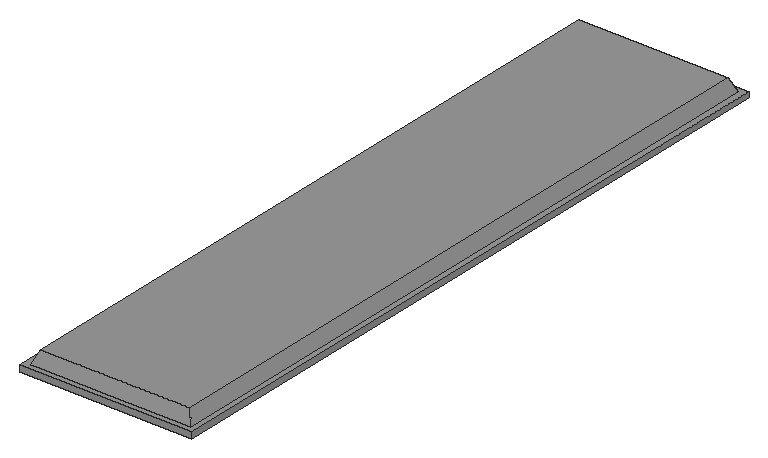
Revit family "BLT2_63_UN_Inlay LED_ETK ", category Lighting Fixtures, Revit 2017
Family settings
  Round Connector Dimension = Use Diameter
  Part Type = Normal
  OmniClass Number = 23.80.70.11.14.11
  OmniClass Title = Downlights
  Work Plane-Based = No
  Always vertical = Yes
  Cut with Voids When Loaded = No
  Light Source = No
  Shared = No
  Room Calculation Point = Yes
Parameters (values of type "BLT.2103.10 - 28W / 3700lm / Adjustable K")
  Wattage Comments = "28W"
  Voltage = 230 V
  URL = "https://www.etk.nl/media/wysiwyg/files/BLT.2.pdf"
  Symbol_Emergency Lighting [instance] = no
  Switch Code [instance] = ""
  Model = "BLT.2"
  Manufacturer = "ETK licht B.V."
  Luminaire_Body_Material = PPS Plastic
  Luminaire Code [instance] = ""
  Light Source = BLT.2 - Lightsource : BLT.2103.10 - 28W / 3700lm / Adjustable K
  Lamp = "LED"
  IfcExportType = "USERDEFINED"
  IfcExportAs = "IfcLightFixtureType"
  Description = "Recessed/inlay LED"
  Copyright © IVLighting = "www.ivlighting.nl"
  Bundle = "120°"
  Assembly Code = "63.0"
  Apparent Load = 28 VA
Types (7, lengths in mm): name | Light Source
  (no name) | BLT.2 - Lightsource : BLT.2103.10 - 28W / 3700lm / Adjustable K
  BLT.2100.10 - 28W / 3500lm / Adjustable K | BLT.2 - Lightsource : BLT.2100.10 - 28W / 3500lm / Adjustable K
  BLT.2100.10 - 28W / 3560lm / Adjustable K | BLT.2 - Lightsource : BLT.2100.10 - 28W / 3560lm / Adjustable K
  BLT.2100.10 - 28W / 3700lm / Adjustable K | BLT.2 - Lightsource : BLT.2100.10 - 28W / 3700lm / Adjustable K
  BLT.2103.10 - 28W / 3500lm / Adjustable K | BLT.2 - Lightsource : BLT.2103.10 - 28W / 3500lm / Adjustable K
  BLT.2103.10 - 28W / 3560lm / Adjustable K | BLT.2 - Lightsource : BLT.2103.10 - 28W / 3560lm / Adjustable K
  BLT.2103.10 - 28W / 3700lm / Adjustable K | BLT.2 - Lightsource : BLT.2103.10 - 28W / 3700lm / Adjustable K
Reference planes
  plane 1 "Center (Front/Back)": y = 0
  plane 2: z = 0
  plane 3 "Center (Left/Right)": x = 0
  plane 4: y = 597.5
  plane 5: x = 147.5
  plane 6: y = -597.5
  plane 7: x = -147.5
  plane 8: z = 32
Forms (mm)
  Revolve 1, solid, material "PPS Plastic", not visible
    sketch origin (0, 0, 0) x (1, 0, 0) y (0, 0, 1)
      loop
        line (-108.916, 0) -> (-108.916, -4.099)
        arc (-108.916, -4.099) -> (-108.406, -4.931) -> (-107.486, -5.258) r 1.461
        line (-107.486, -5.258) -> (-97.804, -5.258) -> (-97.804, 0) -> (-108.916, 0)
      axis (0, 0) -> (0, -5.258)
    angle from 0 to 360
  Revolve 2, solid, material "PPS Plastic" <- "Luminaire_Body_Material", not visible
    sketch origin (0, 0, 0) x (1, 0, 0) y (0, 0, 1)
      loop
        line (-98.741, 0) -> (-97.8, 0) -> (-97.8, 10.593) -> (-90.959, 10.593) -> (-90.959, 14.711) -> (-83.412, 14.711) -> (-83.412, 30.415)
        arc (-83.412, 30.415) -> (-77.825, 42.741) -> (-69.855, 53.677) r 66.418
        line (-69.855, 53.677) -> (-69.855, 60.129) -> (-63.553, 60.129) -> (0, 60.129) -> (0, 61.129) -> (-63.553, 61.129) -> (-69.836, 61.129)
        arc (-69.836, 61.129) -> (-70.557, 60.83) -> (-70.855, 60.109) r 1.02
        line (-70.855, 60.109) -> (-70.855, 54.484)
        arc (-70.855, 54.484) -> (-70.927, 54.088) -> (-71.134, 53.743) r 1.124
        arc (-71.134, 53.743) -> (-77.774, 44.767) -> (-82.842, 34.818) r 67.418
        arc (-82.842, 34.818) -> (-84.016, 30.901) -> (-84.412, 26.83) r 21.103
        line (-84.412, 26.83) -> (-84.412, 16.663)
        arc (-84.412, 16.663) -> (-84.691, 15.989) -> (-85.364, 15.711) r 0.952
        line (-85.364, 15.711) -> (-91.959, 15.711) -> (-91.959, 12.616)
        arc (-91.959, 12.616) -> (-92.258, 11.893) -> (-92.981, 11.593) r 1.022
        line (-92.981, 11.593) -> (-97.697, 11.593)
        arc (-97.697, 11.593) -> (-98.435, 11.287) -> (-98.741, 10.549) r 1.045
        line (-98.741, 10.549) -> (-98.741, 0)
      axis (0, 61.129) -> (0, 0)
    angle from 0 to 360
  Revolve 3, solid, material "PPS Plastic" <- "Luminaire_Body_Material", not visible
    sketch origin (0, 0, 0) x (1, 0, 0) y (0, 0, 1)
      loop
        arc (-36.339, 86.471) -> (-49.965, 76.024) -> (-61.793, 63.579) r 109.701
        arc (-61.793, 63.579) -> (-62.487, 62.326) -> (-62.707, 60.91) r 4.094
        line (-62.707, 60.91) -> (0, 60.91) -> (0, 86.471) -> (-36.339, 86.471)
      axis (0, 86.471) -> (0, 60.91)
    angle from 0 to 360
  Extrusion 4, solid, material "PPS Plastic" <- "Luminaire_Body_Material", not visible
    sketch origin (0, 0, 0) x (1, 0, 0) y (0, 1, 0)
      loop
        circle (0, 0) r 45
    from 86.471 to 87.3
  Extrusion 5, solid, material "UHMW, Black", not visible
    sketch origin (0, 0, 195.137) x (-1, 0, 0) y (0, -1, 0)
      loop
        line (-0.938, -10.632) -> (-0.938, -44.99)
        arc (-0.938, -44.99) -> (0, -45) -> (0.938, -44.99) r 45
        line (0.938, -44.99) -> (0.938, -10.681)
        arc (0.938, -10.681) -> (0, -10.671) -> (-0.938, -10.632) r 29.304
    from -107.837 to -82.548
  Extrusion 6, solid, material "UHMW, Black", not visible
    sketch origin (0, 0, 195.137) x (-0.978148, -0.207912, 0) y (0.207912, -0.978148, 0)
      loop
        line (-0.938, -10.632) -> (-0.938, -44.99)
        arc (-0.938, -44.99) -> (0, -45) -> (0.938, -44.99) r 45
        line (0.938, -44.99) -> (0.938, -10.681)
        arc (0.938, -10.681) -> (0, -10.671) -> (-0.938, -10.632) r 29.304
    from -107.837 to -82.548
  Extrusion 7, solid, material "UHMW, Black", not visible
    sketch origin (0, 0, 195.137) x (-0.978148, 0.207912, 0) y (-0.207912, -0.978148, 0)
      loop
        line (-0.938, -10.632) -> (-0.938, -44.99)
        arc (-0.938, -44.99) -> (0, -45) -> (0.938, -44.99) r 45
        line (0.938, -44.99) -> (0.938, -10.681)
        arc (0.938, -10.681) -> (0, -10.671) -> (-0.938, -10.632) r 29.304
    from -107.837 to -82.548
  Extrusion 8, solid, material "UHMW, Black", not visible
    sketch origin (0, 0, 195.137) x (-0.913545, 0.406737, 0) y (-0.406737, -0.913545, 0)
      loop
        line (-0.938, -10.632) -> (-0.938, -44.99)
        arc (-0.938, -44.99) -> (0, -45) -> (0.938, -44.99) r 45
        line (0.938, -44.99) -> (0.938, -10.681)
        arc (0.938, -10.681) -> (0, -10.671) -> (-0.938, -10.632) r 29.304
    from -107.837 to -82.548
  Extrusion 9, solid, material "UHMW, Black", not visible
    sketch origin (0, 0, 195.137) x (-0.809017, 0.587785, 0) y (-0.587785, -0.809017, 0)
      loop
        line (-0.938, -10.632) -> (-0.938, -44.99)
        arc (-0.938, -44.99) -> (0, -45) -> (0.938, -44.99) r 45
        line (0.938, -44.99) -> (0.938, -10.681)
        arc (0.938, -10.681) -> (0, -10.671) -> (-0.938, -10.632) r 29.304
    from -107.837 to -82.548
  Extrusion 10, solid, material "UHMW, Black", not visible
    sketch origin (0, 0, 195.137) x (-0.669131, 0.743145, 0) y (-0.743145, -0.669131, 0)
      loop
        line (-0.938, -10.632) -> (-0.938, -44.99)
        arc (-0.938, -44.99) -> (0, -45) -> (0.938, -44.99) r 45
        line (0.938, -44.99) -> (0.938, -10.681)
        arc (0.938, -10.681) -> (0, -10.671) -> (-0.938, -10.632) r 29.304
    from -107.837 to -82.548
  Extrusion 11, solid, material "UHMW, Black", not visible
    sketch origin (0, 0, 195.137) x (-0.5, 0.866025, 0) y (-0.866025, -0.5, 0)
      loop
        line (-0.938, -10.632) -> (-0.938, -44.99)
        arc (-0.938, -44.99) -> (0, -45) -> (0.938, -44.99) r 45
        line (0.938, -44.99) -> (0.938, -10.681)
        arc (0.938, -10.681) -> (0, -10.671) -> (-0.938, -10.632) r 29.304
    from -107.837 to -82.548
  Extrusion 12, solid, material "UHMW, Black", not visible
    sketch origin (0, 0, 195.137) x (-0.309017, 0.951057, 0) y (-0.951057, -0.309017, 0)
      loop
        line (-0.938, -10.632) -> (-0.938, -44.99)
        arc (-0.938, -44.99) -> (0, -45) -> (0.938, -44.99) r 45
        line (0.938, -44.99) -> (0.938, -10.681)
        arc (0.938, -10.681) -> (0, -10.671) -> (-0.938, -10.632) r 29.304
    from -107.837 to -82.548
  Extrusion 13, solid, material "UHMW, Black", not visible
    sketch origin (0, 0, 195.137) x (-0.104528, 0.994522, 0) y (-0.994522, -0.104528, 0)
      loop
        line (-0.938, -10.632) -> (-0.938, -44.99)
        arc (-0.938, -44.99) -> (0, -45) -> (0.938, -44.99) r 45
        line (0.938, -44.99) -> (0.938, -10.681)
        arc (0.938, -10.681) -> (0, -10.671) -> (-0.938, -10.632) r 29.304
    from -107.837 to -82.548
  Extrusion 14, solid, material "UHMW, Black", not visible
    sketch origin (0, 0, 195.137) x (0.104528, 0.994522, 0) y (-0.994522, 0.104528, 0)
      loop
        line (-0.938, -10.632) -> (-0.938, -44.99)
        arc (-0.938, -44.99) -> (0, -45) -> (0.938, -44.99) r 45
        line (0.938, -44.99) -> (0.938, -10.681)
        arc (0.938, -10.681) -> (0, -10.671) -> (-0.938, -10.632) r 29.304
    from -107.837 to -82.548
  Extrusion 15, solid, material "UHMW, Black", not visible
    sketch origin (0, 0, 195.137) x (0.309017, 0.951057, 0) y (-0.951057, 0.309017, 0)
      loop
        line (-0.938, -10.632) -> (-0.938, -44.99)
        arc (-0.938, -44.99) -> (0, -45) -> (0.938, -44.99) r 45
        line (0.938, -44.99) -> (0.938, -10.681)
        arc (0.938, -10.681) -> (0, -10.671) -> (-0.938, -10.632) r 29.304
    from -107.837 to -82.548
  Extrusion 16, solid, material "UHMW, Black", not visible
    sketch origin (0, 0, 195.137) x (0.5, 0.866025, 0) y (-0.866025, 0.5, 0)
      loop
        line (-0.938, -10.632) -> (-0.938, -44.99)
        arc (-0.938, -44.99) -> (0, -45) -> (0.938, -44.99) r 45
        line (0.938, -44.99) -> (0.938, -10.681)
        arc (0.938, -10.681) -> (0, -10.671) -> (-0.938, -10.632) r 29.304
    from -107.837 to -82.548
  Extrusion 17, solid, material "UHMW, Black", not visible
    sketch origin (0, 0, 195.137) x (0.669131, 0.743145, 0) y (-0.743145, 0.669131, 0)
      loop
        line (-0.938, -10.632) -> (-0.938, -44.99)
        arc (-0.938, -44.99) -> (0, -45) -> (0.938, -44.99) r 45
        line (0.938, -44.99) -> (0.938, -10.681)
        arc (0.938, -10.681) -> (0, -10.671) -> (-0.938, -10.632) r 29.304
    from -107.837 to -82.548
  Extrusion 18, solid, material "UHMW, Black", not visible
    sketch origin (0, 0, 195.137) x (0.809017, 0.587785, 0) y (-0.587785, 0.809017, 0)
      loop
        line (-0.938, -10.632) -> (-0.938, -44.99)
        arc (-0.938, -44.99) -> (0, -45) -> (0.938, -44.99) r 45
        line (0.938, -44.99) -> (0.938, -10.681)
        arc (0.938, -10.681) -> (0, -10.671) -> (-0.938, -10.632) r 29.304
    from -107.837 to -82.548
  Extrusion 19, solid, material "UHMW, Black", not visible
    sketch origin (0, 0, 195.137) x (0.913545, 0.406737, 0) y (-0.406737, 0.913545, 0)
      loop
        line (-0.938, -10.632) -> (-0.938, -44.99)
        arc (-0.938, -44.99) -> (0, -45) -> (0.938, -44.99) r 45
        line (0.938, -44.99) -> (0.938, -10.681)
        arc (0.938, -10.681) -> (0, -10.671) -> (-0.938, -10.632) r 29.304
    from -107.837 to -82.548
  Extrusion 20, solid, material "UHMW, Black", not visible
    sketch origin (0, 0, 195.137) x (0.978148, 0.207912, 0) y (-0.207912, 0.978148, 0)
      loop
        line (-0.938, -10.632) -> (-0.938, -44.99)
        arc (-0.938, -44.99) -> (0, -45) -> (0.938, -44.99) r 45
        line (0.938, -44.99) -> (0.938, -10.681)
        arc (0.938, -10.681) -> (0, -10.671) -> (-0.938, -10.632) r 29.304
    from -107.837 to -82.548
  Extrusion 21, solid, material "UHMW, Black", not visible
    sketch origin (0, 0, 195.137) x (1, 0, 0) y (0, 1, 0)
      loop
        line (-0.938, -10.632) -> (-0.938, -44.99)
        arc (-0.938, -44.99) -> (0, -45) -> (0.938, -44.99) r 45
        line (0.938, -44.99) -> (0.938, -10.681)
        arc (0.938, -10.681) -> (0, -10.671) -> (-0.938, -10.632) r 29.304
    from -107.837 to -82.548
  Extrusion 22, solid, material "UHMW, Black", not visible
    sketch origin (0, 0, 195.137) x (0.978148, -0.207912, 0) y (0.207912, 0.978148, 0)
      loop
        line (-0.938, -10.632) -> (-0.938, -44.99)
        arc (-0.938, -44.99) -> (0, -45) -> (0.938, -44.99) r 45
        line (0.938, -44.99) -> (0.938, -10.681)
        arc (0.938, -10.681) -> (0, -10.671) -> (-0.938, -10.632) r 29.304
    from -107.837 to -82.548
  Extrusion 23, solid, material "UHMW, Black", not visible
    sketch origin (0, 0, 195.137) x (0.913545, -0.406737, 0) y (0.406737, 0.913545, 0)
      loop
        line (-0.938, -10.632) -> (-0.938, -44.99)
        arc (-0.938, -44.99) -> (0, -45) -> (0.938, -44.99) r 45
        line (0.938, -44.99) -> (0.938, -10.681)
        arc (0.938, -10.681) -> (0, -10.671) -> (-0.938, -10.632) r 29.304
    from -107.837 to -82.548
  Extrusion 24, solid, material "UHMW, Black", not visible
    sketch origin (0, 0, 195.137) x (0.809017, -0.587785, 0) y (0.587785, 0.809017, 0)
      loop
        line (-0.938, -10.632) -> (-0.938, -44.99)
        arc (-0.938, -44.99) -> (0, -45) -> (0.938, -44.99) r 45
        line (0.938, -44.99) -> (0.938, -10.681)
        arc (0.938, -10.681) -> (0, -10.671) -> (-0.938, -10.632) r 29.304
    from -107.837 to -82.548
  Extrusion 25, solid, material "UHMW, Black", not visible
    sketch origin (0, 0, 195.137) x (0.669131, -0.743145, 0) y (0.743145, 0.669131, 0)
      loop
        line (-0.938, -10.632) -> (-0.938, -44.99)
        arc (-0.938, -44.99) -> (0, -45) -> (0.938, -44.99) r 45
        line (0.938, -44.99) -> (0.938, -10.681)
        arc (0.938, -10.681) -> (0, -10.671) -> (-0.938, -10.632) r 29.304
    from -107.837 to -82.548
  Extrusion 26, solid, material "UHMW, Black", not visible
    sketch origin (0, 0, 195.137) x (0.5, -0.866025, 0) y (0.866025, 0.5, 0)
      loop
        line (-0.938, -10.632) -> (-0.938, -44.99)
        arc (-0.938, -44.99) -> (0, -45) -> (0.938, -44.99) r 45
        line (0.938, -44.99) -> (0.938, -10.681)
        arc (0.938, -10.681) -> (0, -10.671) -> (-0.938, -10.632) r 29.304
    from -107.837 to -82.548
  Extrusion 27, solid, material "UHMW, Black", not visible
    sketch origin (0, 0, 195.137) x (0.309017, -0.951057, 0) y (0.951057, 0.309017, 0)
      loop
        line (-0.938, -10.632) -> (-0.938, -44.99)
        arc (-0.938, -44.99) -> (0, -45) -> (0.938, -44.99) r 45
        line (0.938, -44.99) -> (0.938, -10.681)
        arc (0.938, -10.681) -> (0, -10.671) -> (-0.938, -10.632) r 29.304
    from -107.837 to -82.548
  Extrusion 28, solid, material "UHMW, Black", not visible
    sketch origin (0, 0, 195.137) x (0.104528, -0.994522, 0) y (0.994522, 0.104528, 0)
      loop
        line (-0.938, -10.632) -> (-0.938, -44.99)
        arc (-0.938, -44.99) -> (0, -45) -> (0.938, -44.99) r 45
        line (0.938, -44.99) -> (0.938, -10.681)
        arc (0.938, -10.681) -> (0, -10.671) -> (-0.938, -10.632) r 29.304
    from -107.837 to -82.548
  Extrusion 29, solid, material "UHMW, Black", not visible
    sketch origin (0, 0, 195.137) x (-0.104528, -0.994522, 0) y (0.994522, -0.104528, 0)
      loop
        line (-0.938, -10.632) -> (-0.938, -44.99)
        arc (-0.938, -44.99) -> (0, -45) -> (0.938, -44.99) r 45
        line (0.938, -44.99) -> (0.938, -10.681)
        arc (0.938, -10.681) -> (0, -10.671) -> (-0.938, -10.632) r 29.304
    from -107.837 to -82.548
  Extrusion 30, solid, material "UHMW, Black", not visible
    sketch origin (0, 0, 195.137) x (-0.309017, -0.951057, 0) y (0.951057, -0.309017, 0)
      loop
        line (-0.938, -10.632) -> (-0.938, -44.99)
        arc (-0.938, -44.99) -> (0, -45) -> (0.938, -44.99) r 45
        line (0.938, -44.99) -> (0.938, -10.681)
        arc (0.938, -10.681) -> (0, -10.671) -> (-0.938, -10.632) r 29.304
    from -107.837 to -82.548
  Extrusion 31, solid, material "UHMW, Black", not visible
    sketch origin (0, 0, 195.137) x (-0.5, -0.866025, 0) y (0.866025, -0.5, 0)
      loop
        line (-0.938, -10.632) -> (-0.938, -44.99)
        arc (-0.938, -44.99) -> (0, -45) -> (0.938, -44.99) r 45
        line (0.938, -44.99) -> (0.938, -10.681)
        arc (0.938, -10.681) -> (0, -10.671) -> (-0.938, -10.632) r 29.304
    from -107.837 to -82.548
  Extrusion 32, solid, material "UHMW, Black", not visible
    sketch origin (0, 0, 195.137) x (-0.669131, -0.743145, 0) y (0.743145, -0.669131, 0)
      loop
        line (-0.938, -10.632) -> (-0.938, -44.99)
        arc (-0.938, -44.99) -> (0, -45) -> (0.938, -44.99) r 45
        line (0.938, -44.99) -> (0.938, -10.681)
        arc (0.938, -10.681) -> (0, -10.671) -> (-0.938, -10.632) r 29.304
    from -107.837 to -82.548
  Extrusion 33, solid, material "UHMW, Black", not visible
    sketch origin (0, 0, 195.137) x (-0.809017, -0.587785, 0) y (0.587785, -0.809017, 0)
      loop
        line (-0.938, -10.632) -> (-0.938, -44.99)
        arc (-0.938, -44.99) -> (0, -45) -> (0.938, -44.99) r 45
        line (0.938, -44.99) -> (0.938, -10.681)
        arc (0.938, -10.681) -> (0, -10.671) -> (-0.938, -10.632) r 29.304
    from -107.837 to -82.548
  Extrusion 34, solid, material "UHMW, Black", not visible
    sketch origin (0, 0, 195.137) x (-0.913545, -0.406737, 0) y (0.406737, -0.913545, 0)
      loop
        line (-0.938, -10.632) -> (-0.938, -44.99)
        arc (-0.938, -44.99) -> (0, -45) -> (0.938, -44.99) r 45
        line (0.938, -44.99) -> (0.938, -10.681)
        arc (0.938, -10.681) -> (0, -10.671) -> (-0.938, -10.632) r 29.304
    from -107.837 to -82.548
  Extrusion 35, solid, material "PPS Plastic" <- "Luminaire_Body_Material", not visible
    sketch origin (0.938, 0, 0) x (1, 0, 0) y (0, 0, 1)
      loop
        line (-90.709, 14.711) -> (-89.709, 14.711) -> (-89.709, 47.263)
        arc (-89.709, 47.263) -> (-89.547, 48.318) -> (-89.074, 49.276) r 3.51
        line (-89.074, 49.276) -> (-63.792, 85.382)
        arc (-63.792, 85.382) -> (-62.879, 86.183) -> (-61.7, 86.471) r 2.554
        line (-61.7, 86.471) -> (-36.836, 86.471) -> (-36.836, 87.3) -> (-62.068, 87.3)
        arc (-62.068, 87.3) -> (-63.489, 86.952) -> (-64.589, 85.988) r 3.078
        line (-64.589, 85.988) -> (-90.082, 49.58)
        arc (-90.082, 49.58) -> (-90.549, 48.634) -> (-90.709, 47.591) r 3.468
        line (-90.709, 47.591) -> (-90.709, 14.711)
    from -18.722 to 17.678
  Extrusion 36, solid, material "PPS Plastic" <- "Luminaire_Body_Material", not visible
    sketch origin (-0.938, 0, 0) x (-1, 0, 0) y (0, 0, -1)
      loop
        line (-90.709, -14.711) -> (-90.709, -47.591)
        arc (-90.709, -47.591) -> (-90.549, -48.634) -> (-90.082, -49.58) r 3.468
        line (-90.082, -49.58) -> (-64.589, -85.988)
        arc (-64.589, -85.988) -> (-63.489, -86.952) -> (-62.068, -87.3) r 3.078
        line (-62.068, -87.3) -> (-36.836, -87.3) -> (-36.836, -86.471) -> (-61.7, -86.471)
        arc (-61.7, -86.471) -> (-62.879, -86.183) -> (-63.792, -85.382) r 2.554
        line (-63.792, -85.382) -> (-89.074, -49.276)
        arc (-89.074, -49.276) -> (-89.547, -48.318) -> (-89.709, -47.263) r 3.51
        line (-89.709, -47.263) -> (-89.709, -14.711) -> (-90.709, -14.711)
    from -18.722 to 17.678
  Revolve 37, solid, material "PPS Plastic", not visible
    sketch origin (0, 0, 0) x (1, 0, 0) y (0, 0, 1)
      loop
        arc (-61.908, 31.25) -> (-81.159, 16.629) -> (-98.212, -0.504) r 175.119
        line (-98.212, -0.504) -> (-98.212, -1.729)
        arc (-98.212, -1.729) -> (-81.093, 15.622) -> (-61.721, 30.415) r 174.319
        line (-61.721, 30.415) -> (0, 30.415) -> (0, 31.25) -> (-61.908, 31.25)
      axis (0, 31.25) -> (0, -1.729)
    angle from 0 to 360
  Revolve 38, solid, material "Glass, White, High Luminance", not visible
    sketch origin (0, 0, 0) x (1, 0, 0) y (0, 0, 1)
      loop
        line (-63.082, 29.507) -> (0, 29.507) -> (0, 30.415) -> (-61.721, 30.415)
        arc (-61.721, 30.415) -> (-62.416, 29.983) -> (-63.082, 29.507) r 12.642
      axis (0, 30.415) -> (0, 29.415)
    angle from 0 to 360
  Extrusion 39, solid, material "PPS Plastic" <- "Luminaire_Body_Material"
    sketch origin (0, 0, 0) x (1, 0, 0) y (0, 1, 0)
      loop
        line (-147.5, 597.5) -> (-147.5, -597.5) -> (147.5, -597.5) -> (147.5, 597.5) -> (-147.5, 597.5)
      loop
        arc (-124.5, 577.5) -> (-126.621, 576.621) -> (-127.5, 574.5) r 3
        line (-127.5, 574.5) -> (-127.5, -574.5)
        arc (-127.5, -574.5) -> (-126.621, -576.621) -> (-124.5, -577.5) r 3
        line (-124.5, -577.5) -> (124.5, -577.5)
        arc (124.5, -577.5) -> (126.621, -576.621) -> (127.5, -574.5) r 3
        line (127.5, -574.5) -> (127.5, 574.5)
        arc (127.5, 574.5) -> (126.621, 576.621) -> (124.5, 577.5) r 3
        line (124.5, 577.5) -> (-124.5, 577.5)
    from 0 to 7.274
  Extrusion 40, solid, material "Glass, White, High Luminance"
    sketch origin (0, 0, 0) x (1, 0, 0) y (0, 1, 0)
      loop
        arc (-124.5, 577.5) -> (-126.621, 576.621) -> (-127.5, 574.5) r 3
        line (-127.5, 574.5) -> (-127.5, -574.5)
        arc (-127.5, -574.5) -> (-126.621, -576.621) -> (-124.5, -577.5) r 3
        line (-124.5, -577.5) -> (124.5, -577.5)
        arc (124.5, -577.5) -> (126.621, -576.621) -> (127.5, -574.5) r 3
        line (127.5, -574.5) -> (127.5, 574.5)
        arc (127.5, 574.5) -> (126.621, 576.621) -> (124.5, 577.5) r 3
        line (124.5, 577.5) -> (-124.5, 577.5)
    from 0 to 4.143
  Extrusion 41, solid, material "PPS Plastic" <- "Luminaire_Body_Material"
    sketch origin (0, 0, 0) x (1, 0, 0) y (0, 1, 0)
      loop
        line (-147.5, 597.5) -> (-147.5, -597.5) -> (147.5, -597.5) -> (147.5, 597.5) -> (-147.5, 597.5)
    from 4.143 to 9.896
  Blend 42, solid, material "PPS Plastic" <- "Luminaire_Body_Material"
    base sketch origin (0, 0, 0) x (1, 0, 0) y (0, 1, 0)
      loop
        line (-137.5, 587.5) -> (-137.5, -587.5) -> (137.5, -587.5) -> (137.5, 587.5) -> (-137.5, 587.5)
    top sketch origin (0, 0, 0) x (1, 0, 0) y (0, 1, 0)
      loop
        line (127.5, -577.5) -> (127.5, 577.5) -> (-127.5, 577.5) -> (-127.5, -577.5) -> (127.5, -577.5)
    from 9.896 to 32
Cuts and joins
  joined: Extrusion 39, Extrusion 41
Dimensions and locks
  plane 8 to level = 32 mm  (x2)
  Extrusion 39 sketch curve to cut or joined group of Extrusion 39, Extrusion 41 = 20 mm
  cut or joined group of Extrusion 39, Extrusion 41 to Extrusion 39 sketch curve = 20 mm
  aligned and locked: level to plane 2
  aligned and locked: Extrusion 39 to plane 4
  aligned and locked: Extrusion 39 to plane 6
  aligned and locked: Extrusion 39 to plane 7
  aligned and locked: Extrusion 39 to plane 5
  aligned and locked: plane 8 to Blend 42
Nested families
  nested 1: "BLT.2 - Lightsource" at (0, 0, 0), type <- "Light Source", type "BLT.2103.10 - 28W / 3700lm / Adjustable K"
  nested 2: "BLT.2 Light_Symbol_IVL" at (0, 0, 0), type "BLT.2 Light_Symbol_IVL"
Connectors
  electrical at (0, 0, 32), driven by "Apparent Load", driven by "Voltage"
    settings: on Blend 42, index 1, voltage 230 V, apparent load 0 VA, apparent load phase1 28 VA, apparent load phase2 0 VA, apparent load phase3 0 VA, power factor 1, load classification "Lighting", number of poles 1, system type 31, power factor state 1, is connector primary yes, connector utility no, sub classification motor no, connector description ""
Definition of nested family "BLT.2 - Lightsource"
  Parameters (values of type "BLT.2100.10 - 28W / 3500lm / Adjustable K")
    Wattage Comments = "28W"
    Wattage = 23.5624 W
    built-in parameter 1150110 = 1 (stored number, unit not read)
    URL = "https://www.etk.nl/?___store=en&___from_store=nl"
    built-in parameter 1114217 = 1 (stored number, unit not read)
    Tilt Angle = 90.00°
    built-in parameter 1150109 = 1 (stored number, unit not read)
    built-in parameter 1150134 = (empty or 0)
    built-in parameter 1150113 = 1 (stored number, unit not read)
    Photometric Web File = "BLT.2100.10.ies"
    Model = "BLT.2"
    Manufacturer = "ETK B.V."
    built-in parameter 1150105 = 278.52 (stored number, unit not read)
    Lumens = 3500 lm
    built-in parameter 1150115 = 1 (stored number, unit not read)
    built-in parameter 1150137 = (empty or 0)
    built-in parameter 1150139 = (empty or 0)
    built-in parameter 1150112 = 1 (stored number, unit not read)
    built-in parameter 1150114 = 1 (stored number, unit not read)
    Lamp = "LED"
    built-in parameter 1150132 = 2
    built-in parameter 1150102 = (empty or 0)
    built-in parameter 1150107 = 3000 (stored number, unit not read)
    built-in parameter 1150138 = (empty or 0)
    built-in parameter 1150106 = 2.7852 (stored number, unit not read)
    built-in parameter 1150104 = 13.8 (stored number, unit not read)
    Dimming Lamp Color Temperature Shift = (empty or 0)
    Description = "Light sources"
    Copyright © IVLighting = "www.ivlighting.nl"
    Color Filter = 16777215
    Bundle = "120°"
    built-in parameter 1114218 = 1 (stored number, unit not read)
    built-in parameter 1150133 = 10 (stored number, unit not read)
    Assembly Code = "63.0"
    Apparent Load = 28 VA
  Types (6, lengths in mm): name | Wattage | Photometric Web File | built-in parameter 1150105 | Lumens | built-in parameter 1150106
    BLT.2100.10 - 28W / 3500lm / Adjustable K | 23.5624 W | "BLT.2100.10.ies" | 278.52 (stored number, unit not read) | 3500 lm | 2.7852 (stored number, unit not read)
    BLT.2100.10 - 28W / 3700lm / Adjustable K | 24.9088 W | "BLT.2100.10.ies" | 294.44 (stored number, unit not read) | 3700 lm | 2.9444 (stored number, unit not read)
    BLT.2100.10 - 28W / 3560lm / Adjustable K | 23.9663 W | "BLT.2100.10.ies" | 283.3 (stored number, unit not read) | 3560 lm | 2.833 (stored number, unit not read)
    BLT.2103.10 - 28W / 3500lm / Adjustable K | 23.5624 W | "BLT.2103.10.ies" | 1594.2 (stored number, unit not read) | 3500 lm | 15.943 (stored number, unit not read)
    BLT.2103.10 - 28W / 3560lm / Adjustable K | 23.9663 W | "BLT.2103.10.ies" | 1621.6 (stored number, unit not read) | 3560 lm | 16.216 (stored number, unit not read)
    BLT.2103.10 - 28W / 3700lm / Adjustable K | 24.9088 W | "BLT.2103.10.ies" | 1685.3 (stored number, unit not read) | 3700 lm | 16.854 (stored number, unit not read)
  Reference planes
    plane 1 "Center (Front/Back)": y = 0
    plane 2: z = 0
    plane 3 "Center (Left/Right)": x = 0
  Dimensions and locks
    aligned and locked: level to plane 2
Definition of nested family "BLT.2 Light_Symbol_IVL"
  Parameters (values of type "BLT.2 Light_Symbol_IVL")
    Symbol_Emergency Lighting = no
  Reference planes
    plane 1: y = 0
    plane 2: x = 0
  Lines and regions (mm)
    Filled region 1, type "Filled region 1", visible <- "Symbol_Emergency Lighting"
      outline origin (-1.5, 6, 0) x (1, 0, 0) y (0, 1, 0)
        loop
          line (0, 0) -> (0, -12) -> (1.5, -6) -> (0, 0)
    Filled region 2, type "Filled region 1", visible <- "Symbol_Emergency Lighting"
      outline origin (1.5, 6, 0) x (0, 1, 0) y (-1, 0, 0)
        loop
          line (0, 0) -> (-6, 1.5) -> (-12, 0) -> (0, 0)
    detail lines
      curve 1: line (1.5, -6, 0) -> (1.5, 6, 0)
      curve 2: line (-1.5, 6, 0) -> (1.5, 6, 0)
      curve 3: line (-1.5, -6, 0) -> (1.5, -6, 0)
      curve 4: line (-1.5, 6, 0) -> (-1.5, -6, 0)
  Dimensions and locks
    curve 3 to curve 2 = 12 mm
